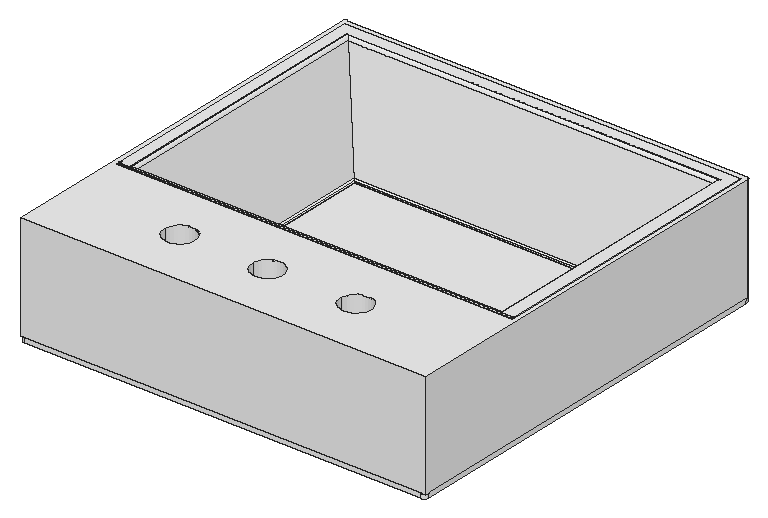
Revit family "Sink 460x460", category Plumbing Fixtures, Revit 2015
Parameters
  Material [instance] = Porcelain White
  Manufacturer = ""
  Assembly Code = ""
Reference planes
  plane 1 "Center (Front/Back)": y = 0
  plane 2: z = 0
  plane 3 "Center (Left/Right)": x = 0
  plane 4: x = -134.49
  plane 5: x = -249.489
  plane 6: x = -224.489
Forms (mm)
  Sweep 1, solid, material "Porcelain White" <- "Material"
    path origin (-125, -135, 730) x (1, 0, 0) y (0, 1, 0)
      loop
        line (-67.49, 264.881) -> (-67.49, 557) -> (317.489, 557) -> (317.489, 264.881)
    profile origin (0, 275.941, 0) x (-1, 0, 0) y (0, 0, 1)
      loop
        line (224.489, 845) -> (224.489, 850) -> (210.598, 850)
        arc (210.598, 850) -> (208.595, 848.506) -> (207.431, 846.294) r 5.658
        line (207.431, 846.294) -> (176.522, 730.94)
        arc (176.522, 730.94) -> (175.796, 730.251) -> (174.826, 730) r 2
        line (174.826, 730) -> (171.997, 730) -> (171.997, 724.958) -> (180.095, 724.958) -> (212.261, 845) -> (224.489, 845)
  Sweep 2, solid, material "Porcelain White" <- "Material"
    path origin (-125, -75, 730) x (1, 0, 0) y (0, 1, 0)
      loop
        line (-99.49, 205) -> (349.489, 205)
    profile origin (0, 0, 0) x (0, 1, 0) y (0, 0, 1)
      loop
        line (149.827, 731.749) -> (135.102, 848.251)
        arc (135.102, 848.251) -> (134.441, 849.5) -> (133.118, 850) r 2
        line (133.118, 850) -> (129.881, 850) -> (145.686, 724.958) -> (155.686, 724.958) -> (155.686, 730) -> (151.811, 730)
        arc (151.811, 730) -> (150.489, 730.5) -> (149.827, 731.749) r 2
  Extrusion 3, solid, material "Porcelain White" <- "Material"
    sketch origin (-125.979, -75, 730) x (1, 0, 0) y (0, 1, 0)
      loop
        arc (-101.021, 535) -> (-103.142, 534.121) -> (-104.021, 532) r 3
        line (-104.021, 532) -> (-104.021, 75) -> (355.979, 75) -> (355.979, 532)
        arc (355.979, 532) -> (355.1, 534.121) -> (352.979, 535) r 3
        line (352.979, 535) -> (-101.021, 535)
      loop
        circle (25.511, 139.361) r 17.5
      loop
        circle (125.511, 139.361) r 17.5
      loop
        circle (225.511, 139.361) r 17.5
      loop
        line (337.489, 516.771) -> (-86.282, 516.771) -> (-86.282, 205) -> (337.489, 205) -> (337.489, 516.771)
    from 0 to 120
  Extrusion 4, solid, material "Porcelain White" <- "Material"
    sketch origin (-125, -75, 730) x (1, 0, 0) y (0, 1, 0)
      loop
        arc (-105, 80) -> (-103.536, 76.464) -> (-100, 75) r 5
        line (-100, 75) -> (350, 75)
        arc (350, 75) -> (353.536, 76.464) -> (355, 80) r 5
        line (355, 80) -> (355, 530)
        arc (355, 530) -> (353.536, 533.536) -> (350, 535) r 5
        line (350, 535) -> (-100, 535)
        arc (-100, 535) -> (-103.536, 533.536) -> (-105, 530) r 5
        line (-105, 530) -> (-105, 80)
      loop
        circle (125.51, 275) r 23
    from -5.042 to 0
Lines and regions (mm)
  symbolic lines
    curve 1: line (-225, 460, 0) -> (225, 460, 0)
    curve 2: line (230, 455, 0) -> (230, 5, 0)
    curve 3: arc (230, 5, 0) -> (228.536, 1.464, 0) -> (225, 0, 0) r 5
    curve 4: line (225, 0, 0) -> (-225, 0, 0)
    curve 5: arc (-225, 0, 0) -> (-228.536, 1.464, 0) -> (-230, 5, 0) r 5
    curve 6: arc (-230, 455, 0) -> (-228.536, 458.536, 0) -> (-225, 460, 0) r 5
    curve 7: line (-207.261, 441.771, 0) -> (206.51, 441.771, 0)
    curve 8: arc (206.51, 441.771, 0) -> (210.046, 440.307, 0) -> (211.51, 436.771, 0) r 5
    curve 9: line (211.51, 436.771, 0) -> (211.51, 135, 0)
    curve 10: arc (211.51, 135, 0) -> (210.046, 131.464, 0) -> (206.51, 130, 0) r 5
    curve 11: line (206.51, 130, 0) -> (-207.261, 130, 0)
    curve 12: arc (-207.261, 130, 0) -> (-210.796, 131.464, 0) -> (-212.261, 135, 0) r 5
    curve 13: line (-212.261, 135, 0) -> (-212.261, 436.771, 0)
    curve 14: arc (-212.261, 436.771, 0) -> (-210.796, 440.307, 0) -> (-207.261, 441.771, 0) r 5
    curve 15: line (166.997, 155.686, 0) -> (-126.022, 155.686, 0)
    curve 16: line (-126.022, 155.686, 0) -> (-166.997, 155.686, 0)
    curve 17: arc (-166.997, 155.686, 0) -> (-170.533, 157.15, 0) -> (-171.997, 160.686, 0) r 5
    curve 18: line (-171.997, 160.686, 0) -> (-171.997, 396.508, 0)
    curve 19: arc (-171.997, 396.508, 0) -> (-170.533, 400.043, 0) -> (-166.997, 401.508, 0) r 5
    curve 20: line (-166.997, 401.508, 0) -> (166.997, 401.508, 0)
    curve 21: arc (23.511, 200, 0) -> (0.511, 177, 0) -> (-22.489, 200, 0) r 23
    curve 22: arc (-22.489, 200, 0) -> (0.511, 223, 0) -> (23.511, 200, 0) r 23
    curve 23: arc (-36.989, 200, 0) -> (0.511, 237.5, 0) -> (38.011, 200, 0) r 37.5
    curve 24: arc (38.011, 200, 0) -> (0.511, 162.5, 0) -> (-36.989, 200, 0) r 37.5
    curve 25: arc (-16.989, 64.361, 0) -> (0.511, 81.861, 0) -> (18.011, 64.361, 0) r 17.5
    curve 26: arc (18.011, 64.361, 0) -> (0.511, 46.861, 0) -> (-16.989, 64.361, 0) r 17.5
    curve 27: arc (83.011, 64.361, 0) -> (100.511, 81.861, 0) -> (118.011, 64.361, 0) r 17.5
    curve 28: arc (118.011, 64.361, 0) -> (100.511, 46.861, 0) -> (83.011, 64.361, 0) r 17.5
    curve 29: arc (-116.989, 64.361, 0) -> (-99.489, 81.861, 0) -> (-81.989, 64.361, 0) r 17.5
    curve 30: arc (-81.989, 64.361, 0) -> (-99.489, 46.861, 0) -> (-116.989, 64.361, 0) r 17.5
    curve 31: spline (-11.99, 136.838, 0) -> (-11.564, 137.639, 0) -> (-10.315, 138.385, 0) -> (-8.328, 139.026, 0) -> (-5.74, 139.518, 0) -> (-2.725, 139.827, 0) -> (0.51, 139.933, 0) -> (3.746, 139.827, 0) -> (6.76, 139.518, 0) -> (9.349, 139.026, 0) -> (11.336, 138.385, 0) -> (12.585, 137.639, 0) -> (13.01, 136.838, 0)
    curve 32: spline (-11.99, 136.838, 0) -> (-11.564, 136.036, 0) -> (-10.315, 135.29, 0) -> (-8.328, 134.649, 0) -> (-5.74, 134.157, 0) -> (-2.725, 133.848, 0) -> (0.51, 133.742, 0) -> (3.746, 133.848, 0) -> (6.76, 134.157, 0) -> (9.349, 134.649, 0) -> (11.336, 135.29, 0) -> (12.585, 136.036, 0) -> (13.01, 136.838, 0)
    curve 33: arc (166.997, 155.686, 0) -> (170.533, 157.15, 0) -> (171.997, 160.686, 0) r 5
    curve 34: line (171.997, 160.686, 0) -> (171.997, 396.508, 0)
    curve 35: arc (171.997, 396.508, 0) -> (170.533, 400.043, 0) -> (166.997, 401.508, 0) r 5
    curve 37: line (-229.989, 455.633, 0) -> (-229.989, 5, 0)
    curve 38: arc (230, 455, 0) -> (228.536, 458.536, 0) -> (225, 460, 0) r 5
  model lines, style "PlumbingFixtures"
    curve 36: line (-209.989, 439.5, 0) -> (-128.119, 357.63, 0)
Dimensions and locks
  curve 1 to curve 4 = 460 mm
  curve 7 to curve 1 = 18.229 mm
  curve 11 to curve 4 = 130 mm
  curve 15 to curve 11 = 25.686 mm
  curve 20 to curve 15 = 245.822 mm
  curve 20 to curve 7 = 40.263 mm
  curve 26 to curve 30 to curve 28 to curve 4 = 0 mm, 0 mm, 46.861 mm
  Extrusion 4 to Extrusion 4 = 460 mm
  Extrusion 3 to Extrusion 3 = 460 mm  (x2)
